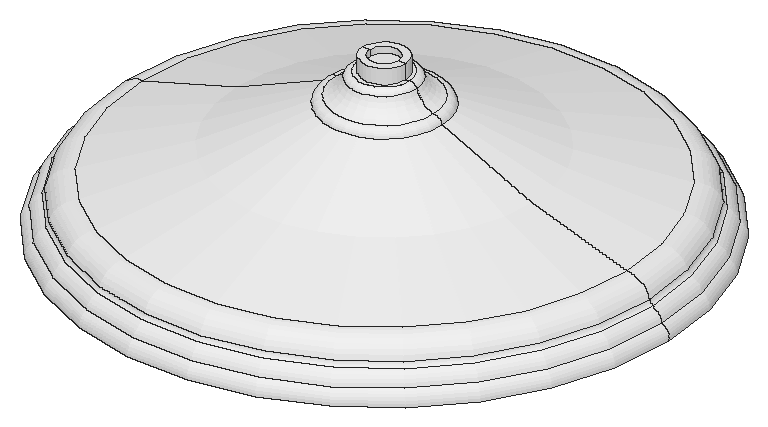
Revit family "Showerhead-DXV-Traditional-D35700110_Series", category Plumbing Fixtures, Revit 2014
Parameters (values of type "D35700110.100")
  Width = 10"  # constant formula
  Waste Connection = no
  Warranty Documentation Link = "https://www.dxv.com/-/media/files/dxv/warranty/dxv_warranty_booklet.ashx"
  WFU = 4  # constant formula
  Vent Connection = no
  URL = "www.dxv.com"
  Tempered Water Connection Diameter = 1/2"  # constant formula
  Tempered Water Connection = yes
  Revised Date = "03/10/2017"  # constant formula
  Product Page URL = "http://www.dxv.com/Product/traditional-8-inch-rain-can-shower-head"
  Product Documentation Link = "https://dxv01.blob.core.windows.net/dxv-product-pdf-files/spec_D35700110_DXV_Traditional_10in_shwhead_EN.pdf"
  Price = "Prices may vary. Please consult Manufacturer Representative for most up-to-date price list."  # constant formula
  Model = "D35700110.100"
  Material = "Metal-DXV-100-Polished Chrome"
  Manufacturer = "DXV"  # constant formula
  Length = 10"  # constant formula
  Installation Type = "Ceiling Mounted"  # constant formula
  Height = 2 3/4"
  HWFU = 3  # constant formula
  HW Connection = no
  Flow Rate = "2.5 GPM (9.5L/min)"  # constant formula
  Finish = Metal-DXV-100-Polished Chrome
  Description = "Traditional 10” Rain Showerhead"  # constant formula
  Default Elevation = 0"
  Creation Date = "17/2/2014"  # constant formula
  CWFU = 3  # constant formula
  CW Connection = no
  Assembly Code = "D2010710"
  ADA Compliant = no
Types (4): name | Model | Material | Finish | ADA Compliant
  (no name) | "D35700110.100" | "Metal-DXV-100-Polished Chrome" | Metal-DXV-100-Polished Chrome | no
  D35700110.150 | "D35700110.150" | "Metal-DXV-150-Platinum Nickel" | Metal-DXV-150-Platinum Nickel | yes
  D35700110.100 | "D35700110.100" | "Metal-DXV-100-Polished Chrome" | Metal-DXV-100-Polished Chrome | no
  D35700110.144 | "D35700110.144" | "Metal-DXV-144-Brushed Nickel" | Metal-DXV-144-Brushed Nickel | yes
Reference planes (in)
  plane 1 "Center (Front/Back)": y = 0
  plane 2: z = 0
  plane 3 "Center (Left/Right)": x = 0
  plane 4: x = 5
  plane 5: x = 0.25
  plane 6: x = -0.25
  plane 7: y = -5
  plane 8: y = 5
  plane 9: x = -5
  plane 10: z = -0.75
  plane 11: z = -0.625
  plane 12: z = -0.25
  plane 13: z = -2.75
Forms (in)
  Extrusion 1, solid, material "Metal-DXV-100-Polished Chrome" <- "Finish"
    sketch origin (0, 0, 2.75) x (1, 0, 0) y (0, 1, 0)
      loop
        circle (0, 0) r 0.25
    from -3 to -2.84755
  Revolve 2, solid, material "Metal-DXV-100-Polished Chrome" <- "Finish"
    sketch origin (0, 0, -2.75) x (1, 0, 0) y (0, 0, 1)
      loop
        line (-0.25, 2.75) -> (-0.375, 2.75) -> (-0.375, 2.5) -> (-0.45082, 2.5)
        arc (-0.45082, 2.5) -> (-0.52284, 2.47717) -> (-0.56855, 2.41702) r 0.125
        arc (-0.56855, 2.41702) -> (-0.68148, 2.23832) -> (-0.85994, 2.125) r 0.48274
        arc (-0.85994, 2.125) -> (-0.958, 2.0897) -> (-1.01107, 2) r 0.15386
        arc (-1.01107, 2) -> (-2.60396, 1.32925) -> (-4.265, 0.85156) r 14.59033
        arc (-4.265, 0.85156) -> (-4.52311, 0.76483) -> (-4.67645, 0.53982) r 0.4274
        arc (-4.67645, 0.53982) -> (-4.69139, 0.49364) -> (-4.72205, 0.45601) r 0.13158
        arc (-4.72205, 0.45601) -> (-4.833, 0.36926) -> (-4.89365, 0.24215) r 0.3076
        arc (-4.89365, 0.24215) -> (-4.98615, 0.13731) -> (-5.0125, 0) r 0.26529
        line (-5.0125, 0) -> (0, 0) -> (0, 2.5) -> (-0.25, 2.5) -> (-0.25, 2.75)
      axis (0, 2.75) -> (0, 0)
    angle from 0 to 360
Lines and regions (in)
  Masking region 1
    outline origin (0, 0, 0) x (1, 0, 0) y (0, 1, 0)
      loop
        circle (0, 0) r 5
  symbolic lines, style "PlumbingFixtures", detail levels medium+fine
    curve 1: circle (0, 0, 0) r 1.44539 normal (0, 0, 1)
    curve 2: circle (0, 0, 0) r 0.65223 normal (0, 0, 1)
    curve 7: arc (-3.8861, 0, 0) -> (0, 3.8861, 0) -> (3.8861, 0, 0) r 3.8861
    curve 8: arc (3.8861, 0, 0) -> (0, -3.8861, 0) -> (-3.8861, 0, 0) r 3.8861
  symbolic lines, style "PlumbingFixtures", detail levels fine
    curve 3: circle (0, 0, 0) r 1.03831 normal (0, 0, 1)
    curve 4: circle (0, 0, 0) r 0.25 normal (0, 0, 1)
    curve 5: arc (4.8201, 0, 0) -> (0, 4.8201, 0) -> (-4.8201, 0, 0) r 4.8201
    curve 6: arc (-4.8201, 0, 0) -> (0, -4.8201, 0) -> (4.8201, 0, 0) r 4.8201
Dimensions and locks (in)
  "Length": plane 7 to plane 8
  "Width": plane 9 to plane 4
  level to plane 12 to plane 11 to plane 10 = 1/4" locked, 3/8" locked, 1/8" locked
  "Height": level to plane 13
  aligned and locked: Revolve 2 sketch curve to Revolve 2 sketch curve
  aligned and locked: Revolve 2 sketch curve to plane 13
Automatic sketch dimensions
  curve 1 to plane 3 "Center (Left/Right)" = 0"
  curve 5 to plane 9 = 0.1799"
  curve 5 to curve 8 = 0.934"
  plane 1 "Center (Front/Back)" to Extrusion 1 sketch curve = 0"
  Extrusion 1 sketch curve to plane 3 "Center (Left/Right)" = 0"
  plane 1 "Center (Front/Back)" to Masking region 1 sketch curve = 0"
  Masking region 1 sketch curve to plane 3 "Center (Left/Right)" = 0"
  Revolve 2 sketch curve to plane 10 = 0"
  Revolve 2 sketch curve to plane 11 = 0"
  Revolve 2 sketch curve to plane 12 = 0"  (x2)
  Revolve 2 sketch curve to level = 0"
  plane 6 to Revolve 2 sketch curve = 0"
  Revolve 2 sketch curve to plane 3 "Center (Left/Right)" = 0"
  Revolve 2 sketch curve to Revolve 2 sketch curve = 1/8"
  Revolve 2 sketch curve to Revolve 2 sketch curve = 0.07582"
  plane 10 to Revolve 2 sketch curve = 0.02886"
  Revolve 2 sketch curve to Revolve 2 sketch curve = 0.40911"
  Revolve 2 sketch curve to plane 12 = 0.0793"
  Revolve 2 sketch curve to Revolve 2 sketch curve = 0.16326"
  Revolve 2 sketch curve to plane 9 = 0.735"
  Revolve 2 sketch curve to plane 13 = 0.17676"
  Revolve 2 sketch curve to plane 9 = 0.40692"
  Revolve 2 sketch curve to plane 13 = 0.02041"
  Revolve 2 sketch curve to Revolve 2 sketch curve = 0.15492"
  Revolve 2 sketch curve to plane 9 = 0.19303"
  plane 9 to Revolve 2 sketch curve = 0.0125"
  plane 9 to Revolve 2 sketch curve = 2.45988"
  Revolve 2 sketch curve to Revolve 2 sketch curve = 0.2474"
  Revolve 2 sketch curve to Revolve 2 sketch curve = 0.37976"
  plane 12 to Revolve 2 sketch curve = 1/8"
  Revolve 2 sketch curve to Revolve 2 sketch curve = 0.13052"
  Revolve 2 sketch curve to Revolve 2 sketch curve = 0.0456"
  Revolve 2 sketch curve to plane 9 = 0.10635"
  plane 13 to Revolve 2 sketch curve = 0.19428"
  Revolve 2 sketch curve to Revolve 2 sketch curve = 0.30572"
  curve 1 to curve 2 = 0"  (x2)
  curve 1 to curve 3 = 0"  (x2)
  curve 1 to curve 4 = 0"  (x2)
  curve 1 to curve 5 = 0"  (x2)
  curve 1 to curve 6 = 0"
  curve 1 to curve 7 = 0"  (x2)
  curve 1 to curve 8 = 0"
  curve 2 to curve 3 = 0"
  curve 2 to curve 4 = 0"
  curve 2 to curve 5 = 0"
  curve 2 to curve 6 = 0"
  curve 2 to curve 7 = 0"
  curve 2 to curve 8 = 0"
  curve 3 to curve 4 = 0"
  curve 3 to curve 5 = 0"
  curve 3 to curve 6 = 0"
  curve 3 to curve 7 = 0"
  curve 3 to curve 8 = 0"
  curve 4 to curve 5 = 0"
  curve 4 to curve 6 = 0"
  curve 4 to curve 7 = 0"
  curve 4 to curve 8 = 0"
  curve 5 to curve 6 = 0"
  curve 5 to curve 7 = 0"
  curve 5 to curve 8 = 0"
  curve 6 to curve 7 = 0"
  curve 6 to curve 8 = 0"
  curve 7 to curve 8 = 0"
  plane 1 "Center (Front/Back)" to curve 1 = 0"
  radius of curve 1 = 1.44539"
  radius of curve 2 = 0.65223"
  radius of curve 3 = 1.03831"
  radius of curve 4 = 1/4"
  radius of Extrusion 1 sketch curve = 1/4"
  radius of Masking region 1 sketch curve = 5"
Connectors (in)
  piping at (0, 0, -0.09755), diameter 0.5, driven by "Tempered Water Connection Diameter"
    settings: on Extrusion 1, index 1, connector inside diameter 1/2", connector length 0", flow factor 0, pipe flow 3 GPM, pressure drop 0.00 psi, fitting loss kfactor 0, connector angle 0.00°, fixture units 0, engagement length 0", angle of deflection 0.00°, flow configuration 0, flow direction 1, fitting loss method 0, system type 29, joint type 0, gender type 0, connector reference index -1, connector utility 0, adjustable connector no, is connector primary yes, connector description "1/2\" Global Inlet"
